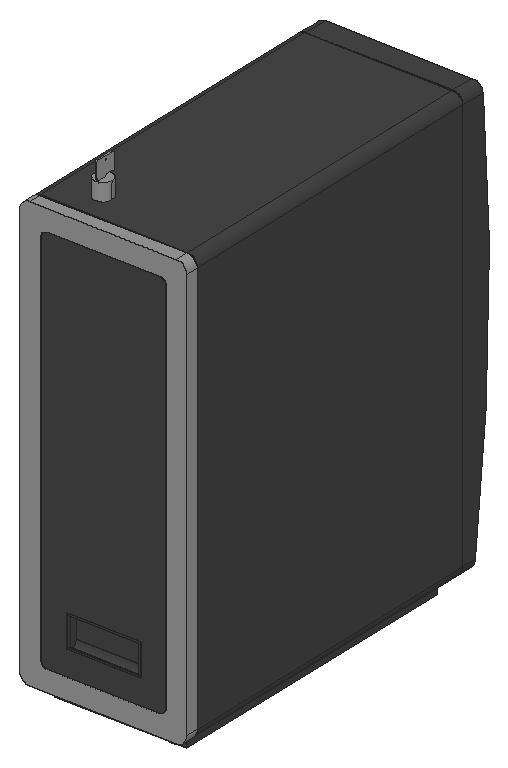
Revit family "Franke_Kartenleser-A200", category Sonderausstattung, Revit 2015
Parameters (values of type "Kartenleser-A200(85-264V/anthrazit/EU)")
  Spannung min. = 85 V
  Netzfrequenz alternativ = 60 Hz
  Netzfrequenz = 50 Hz
  Leistung = "Leistung systemabhängig"
  URL = "http://www.franke.com/main/de/cs/produkte/produktsuche/produktsuche.html#akCache=true&p=1&t=grid&f=cat14_3210"
  Tiefe = 452 mm
  Spannung max. = 264 V
  Modell = "410905 - Kartenleser-A200"
  Kosten = 0
  Höhe = 544 mm
  Hersteller = "Franke"
  Energieverlust nach DIN18873 = "k.A."
  Breite = 200 mm
  Beschreibung = "Beistellgehäuse ist für die Integration eines bauseitig vorhandenen Wert- oder Geldkartenleser vorbereitet"
  Assembly Code = "Beistellgehäuse für Wert- und Geldkartensyteme"
  Keynote = "Beistellgehäuse für Wert- und Geldkartensyteme"
  Aufstellgewicht = "18 kg"
  Anzahl von Polen = 1
  Anzahl der Schutzleiter = "1"
  Anzahl der Nullleiter = "1"
  Abdeckung = Franke Anthrazit
Types (3, lengths in mm): name | Abdeckung
  (no name) | Franke Anthrazit
  Kartenleser-A200(85-264V/black line/EU) | Franke Black
  Kartenleser-A200(85-264V/anthrazit/EU) | Franke Anthrazit
Reference planes
  plane 1 "Mitte (Vorne/Hinten)": y = 0
  plane 2: z = 0
  plane 3 "Mitte (Links/Rechts)": x = 0
Forms (mm)
  Extrusion 1, solid, material "Franke Black"
    sketch origin (0, 0, -41) x (0, 1, 0) y (0, 0, 1)
      loop
        line (186.97, 65) -> (-188.03, 65) -> (-188.03, 45) -> (186.97, 45) -> (186.97, 65)
    from -79 to 79
  Extrusion 2, solid, material "Franke Black"
    sketch origin (-1000, 0, -41) x (0, 1, 0) y (0, 0, 1)
      loop
        line (199.53, 585) -> (199.53, 65) -> (216.03, 65)
        arc (216.03, 65) -> (224.982, 150.997) -> (233.478, 237.039) r 16328.175
        arc (233.478, 237.039) -> (233.864, 241.879) -> (234.093, 246.728) r 150
        arc (234.093, 246.728) -> (236.227, 326.074) -> (237.701, 405.435) r 9548.581
        arc (237.701, 405.435) -> (237.699, 406.999) -> (237.648, 408.563) r 50
        arc (237.648, 408.563) -> (233.118, 496.797) -> (228.03, 585) r 14002.549
        line (228.03, 585) -> (199.53, 585)
    from 900 to 1100
  Extrusion 3, void
    sketch origin (-1000, 0, -41) x (1, 0, 0) y (0, 0, 1)
      loop
        arc (1088, 585) -> (1096.485, 581.485) -> (1100, 573) r 12
        line (1100, 573) -> (1110, 573) -> (1110, 595) -> (1088, 595) -> (1088, 585)
      loop
        line (1088, 65) -> (1088, 55) -> (1110, 55) -> (1110, 77) -> (1100, 77)
        arc (1100, 77) -> (1096.485, 68.515) -> (1088, 65) r 12
      loop
        line (912, 585) -> (912, 595) -> (890, 595) -> (890, 573) -> (900, 573)
        arc (900, 573) -> (903.515, 581.485) -> (912, 585) r 12
      loop
        arc (912, 65) -> (903.515, 68.515) -> (900, 77) r 12
        line (900, 77) -> (890, 77) -> (890, 55) -> (912, 55) -> (912, 65)
    from -305.226 to 299.817
  Extrusion 4, solid, material "Franke Black"
    sketch origin (-35.869, -27.22, -41) x (1, 0, 0) y (0, 1, 0)
      loop
        circle (92.493, -139.31) r 16
      loop
        circle (-20.755, -139.31) r 16
      loop
        circle (92.493, 192.69) r 16
      loop
        circle (-20.755, 192.69) r 16
    from 41 to 45
  Extrusion 5, solid
    sketch origin (0, 397.56, -41) x (1, 0, 0) y (0, 0, 1)
      loop
        line (-85, 65) -> (85, 65) -> (85, 575) -> (-85, 575) -> (-85, 65)
    from 198.03 to 199.53
  Extrusion 6, solid
    sketch origin (0, 0, -41) x (1, 0, 0) y (0, 0, 1)
      loop
        line (-85, 65) -> (85, 65) -> (85, 575) -> (-85, 575) -> (-85, 65)
    from 198.03 to 199.53
  Extrusion 7, solid, material "Franke Black"
    sketch origin (0, 0, -41) x (1, 0, 0) y (0, 0, 1)
      loop
        line (88, 585) -> (-88, 585)
        arc (-88, 585) -> (-96.485, 581.485) -> (-100, 573) r 12
        line (-100, 573) -> (-100, 77)
        arc (-100, 77) -> (-96.485, 68.515) -> (-88, 65) r 12
        line (-88, 65) -> (88, 65)
        arc (88, 65) -> (96.485, 68.515) -> (100, 77) r 12
        line (100, 77) -> (100, 573)
        arc (100, 573) -> (96.485, 581.485) -> (88, 585) r 12
    from -198.03 to 198.03
  Extrusion 8, solid, material "Franke Stahl, verchromt"
    sketch origin (0, 0, -41) x (1, 0, 0) y (0, 1, 0)
      loop
        circle (-42, -162.53) r 11
    from 585 to 605
  Extrusion 9, solid, material "Franke Anthrazit" <- "Abdeckung"
    sketch origin (0, 0, -41) x (1, 0, 0) y (0, 0, 1)
      loop
        line (88, 585) -> (-88, 585)
        arc (-88, 585) -> (-96.485, 581.485) -> (-100, 573) r 12
        line (-100, 573) -> (-100, 77)
        arc (-100, 77) -> (-96.485, 68.515) -> (-88, 65) r 12
        line (-88, 65) -> (88, 65)
        arc (88, 65) -> (96.485, 68.515) -> (100, 77) r 12
        line (100, 77) -> (100, 573)
        arc (100, 573) -> (96.485, 581.485) -> (88, 585) r 12
      loop
        arc (67, 90) -> (72.657, 92.343) -> (75, 98) r 8
        line (75, 98) -> (75, 552)
        arc (75, 552) -> (72.657, 557.657) -> (67, 560) r 8
        line (67, 560) -> (-67, 560)
        arc (-67, 560) -> (-72.657, 557.657) -> (-75, 552) r 8
        line (-75, 552) -> (-75, 98)
        arc (-75, 98) -> (-72.657, 92.343) -> (-67, 90) r 8
        line (-67, 90) -> (67, 90)
    from 199.53 to 214.53
  Extrusion 10, solid, material "Franke Black"
    sketch origin (0, 0, -41) x (1, 0, 0) y (0, 0, 1)
      loop
        arc (-67, 560) -> (-72.657, 557.657) -> (-75, 552) r 8
        line (-75, 552) -> (-75, 98)
        arc (-75, 98) -> (-72.657, 92.343) -> (-67, 90) r 8
        line (-67, 90) -> (67, 90)
        arc (67, 90) -> (72.657, 92.343) -> (75, 98) r 8
        line (75, 98) -> (75, 552)
        arc (75, 552) -> (72.657, 557.657) -> (67, 560) r 8
        line (67, 560) -> (-67, 560)
    from 199.53 to 214.53
  Extrusion 11, solid
    sketch origin (0, 0, -41) x (1, 0, 0) y (0, 0, 1)
      loop
        line (-85, 65) -> (85, 65) -> (85, 575) -> (-85, 575) -> (-85, 65)
    from 198.03 to 199.53
  Extrusion 12, solid, material "Franke Stahl, verchromt"
    sketch origin (0, 0, -1.5) x (0, 1, 0) y (0, 0, 1)
      loop
        arc (-172.53, 569.367) -> (-172.178, 568.234) -> (-171.247, 567.5) r 2
        line (-171.247, 567.5) -> (-171.247, 565.5) -> (-160.53, 565.5) -> (-160.53, 566.541)
        arc (-160.53, 566.541) -> (-160.249, 567.219) -> (-159.571, 567.5) r 0.959
        line (-159.571, 567.5) -> (-149.53, 567.5)
        arc (-149.53, 567.5) -> (-148.116, 568.086) -> (-147.53, 569.5) r 2
        line (-147.53, 569.5) -> (-147.53, 585.5)
        arc (-147.53, 585.5) -> (-148.116, 586.914) -> (-149.53, 587.5) r 2
        line (-149.53, 587.5) -> (-170.53, 587.5)
        arc (-170.53, 587.5) -> (-171.944, 586.914) -> (-172.53, 585.5) r 2
        line (-172.53, 585.5) -> (-172.53, 569.367)
      loop
        circle (-160.03, 583.965) r 2
    from -43 to -41
  Extrusion 13, solid, material "Franke Black"
    sketch origin (0, 0, -21) x (1, 0, 0) y (0, 0, 1)
      loop
        line (-44.5, 139) -> (-44.5, 100) -> (44.5, 100) -> (44.5, 139) -> (-44.5, 139)
      loop
        line (-42.5, 137) -> (-42.5, 102) -> (42.5, 102) -> (42.5, 137) -> (-42.5, 137)
    from 212.53 to 214.53
  Extrusion 14, void
    sketch origin (0, 0, -21) x (0, 1, 0) y (0, 0, 1)
      loop
        line (-231.966, 139) -> (-231.966, 100) -> (-212.53, 100) -> (-212.53, 95) -> (-210.53, 95)
        arc (-210.53, 95) -> (-203.459, 97.929) -> (-200.53, 105) r 10
        line (-200.53, 105) -> (-200.53, 144) -> (-212.53, 144) -> (-212.53, 139) -> (-231.966, 139)
    from -44.5 to 44.5
  Extrusion 15, solid, material "Franke Stahl, verchromt"
    sketch origin (0, 0, 0) x (1, 0, 0) y (0, 1, 0)
      loop
        circle (0, 156.641) r 2.5
    from 0 to 4
Cuts and joins
  Extrusion 3 cuts Extrusion 9
  Extrusion 3 cuts Extrusion 2
  Extrusion 14 cuts Extrusion 10
Dimensions and locks
  aligned and locked: level to plane 2
Connectors
  electrical at (0, 156.641, 0), driven by "Spannung max.", driven by "Anzahl von Polen"
    settings: on Extrusion 15, index 1, voltage 264 V, apparent load 0 VA, apparent load phase1 0 VA, apparent load phase2 0 VA, apparent load phase3 0 VA, power factor 1, load classification "Strom", number of poles 1, system type 31, power factor state 1, is connector primary yes, connector utility no, sub classification motor no, connector description ""
